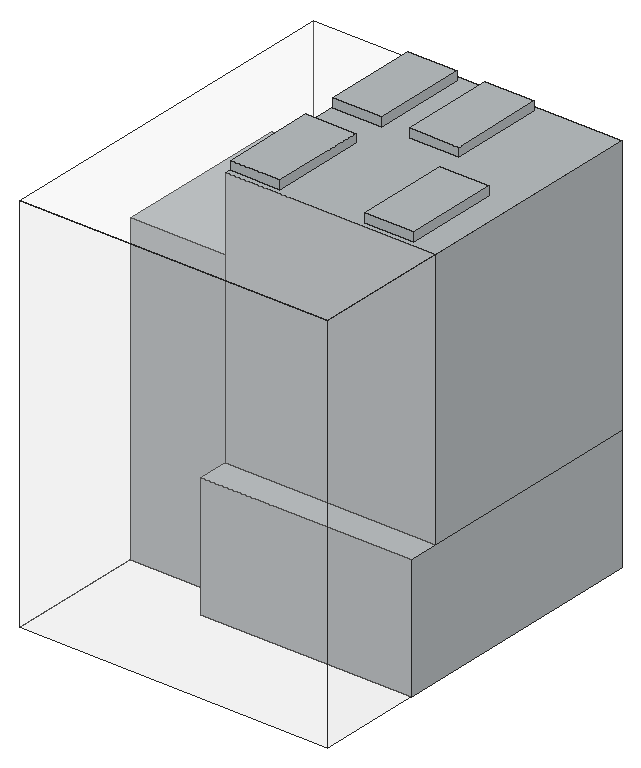
Revit family "lpb-350_500kx5-k_60Hz", category 機械設備, Revit 2019
Family settings
  丸型コネクタ寸法 = 直径を使用
  パーツ タイプ = 標準
  OmniClass 番号 = 23.75.10.34.21
  OmniClass タイトル = Heat Exchangers for Ventilation Air
  作業面ベース = いいえ
  常に垂直 = はい
  ロード時にボイドで切り取り = いいえ
  共有 = いいえ
  部屋計算ポイント = いいえ
Parameters (values of type "LPB-350KX5-K")
  騒音レベル(dB(A)) = 52
  風量 = 3500.0 m³/h
  面風速 = 6.43 m/s
  電源種別 [instance] = ""
  電圧 = 200 V
  電動機出力 = 2.2 W
  集中コントローラ = ""
  運転質量 = 0.00 kg
  連動 [instance] = ""
  質量 = if(製品質量 > 運転質量, 製品質量, 運転質量) * 1.2  # 700.80 kg
  負荷分類 = 3_ファン類
  説明 = "設備用ロスナイ 床置ビルトイン形機械室設置タイプ加湿付"
  設計風量 = 0.0 m³/h
  設置方法 = "床置形"
  記号 [instance] = ""
  製造元 = "三菱電機株式会社"
  製品質量 = 584.00 kg
  製品出荷対象 = "国内"
  製品リリース年月 = "2018/7/25"
  製品グループ = ""
  給水管_Width = 46 mm
  給水管_H = 316 mm
  給水管_D = 131 mm
  系統 [instance] = ""
  符号 = "HEU"
  積算_科目 = "1 空気調和設備"
  積算_拾い区分 [instance] = ""
  相 = 3
  盤記号 [instance] = ""
  発停方法 [instance] = ""
  特殊仕様 [instance] = ""
  火災停止 [instance] = ""
  温度交換効率 = 77.00%
  消費電力 = 3900 W
  法定耐用年数 = "15"
  機外静圧_排気 = 325.0 Pa
  機外静圧 = 325.0 Pa
  極数 = 3
  材質 [instance] = ""
  本体固定用穴ピッチ3 = 300 mm
  本体固定用穴ピッチ2 = 650 mm
  本体固定用穴ピッチ1 = 1710 mm
  本体固定用穴_径 = 20 mm
  本体マテリアル = 溶融亜鉛めっき鋼板
  有効加湿量 = 8.8
  操作・制御方式 = ""
  操作・制御スイッチ = ""
  排気量 = 0.0 m³/h
  形式 = "床置形"
  幹線記号 [instance] = ""
  対象室 [instance] = ""
  実風量 = 0.0 m³/h
  始動方式 [instance] = "直入"
  外気量 = 0.0 m³/h
  呼称 = "全熱交換ユニット"
  周波数 = 60 Hz
  参照している仕様書等のバージョン = "公共建築工事標準仕様書（機械設備工事編）平成31年度版"
  加湿給水管径 = 21.7 mm
  初期抵抗 = 0.0 Pa
  分類コード = "50052504100050"
  分類グループ = ""
  価格 = 10074000
  企業コード = "108420"
  付属品_フィルター_還気 = ""
  付属品_フィルター = ""
  付属品 [instance] = ""
  仕様書バージョン = "Version1.0"
  モデル = "LPB-350KX5-K"
  メンテナンススペース = yes
  ドレン管径 = 27.2 mm
  ドレン管_Width = 46 mm
  ドレン管_H = 65 mm
  ドレン管_D = 326 mm
  コメント [instance] = ""
  Keynote = ""
  エンタルピ交換効率_暖房 = 66.50%
  エンタルピ交換効率_冷房 = 60.50%
  Assembly Code = ""
  Width = 1200 mm
  W2 = 555 mm
  W1 = 1200 mm
  Version = ""
  Uniclass2015Version = "Systems v1.9"
  Uniclass2015Title = "Thermal wheels"
  Uniclass2015Code = "Pr_60_60_36_88"
  URL = "https://www.mitsubishielectric.co.jp/ldg/wink/ssl/displayProduct.do?pid=294068"
  SpecificationReference = ""
  SpecificationDescription = ""
  SAサイズ_W = 280 mm
  SAサイズ_D = 540 mm
  Revision = ""
  RAサイズ_W = 280 mm
  RAサイズ_D = 540 mm
  ProductInformation = ""
  OmniClassCode = "23-27 23 19 11"
  OAサイズ_W = 280 mm
  OAサイズ_D = 540 mm
  MIN風量 = 0.0 m³/h
  MIN静圧 = 0.0 Pa
  MID風量 = 0.0 m³/h
  MID静圧 = 0.0 Pa
  MAX風量 = 3500.0 m³/h
  MAX静圧 = 325.0 Pa
  IfcTypeProduct = ""
  IfcProduct = ""
  IfcExportType = "ROTARYWHEEL"
  IfcExportAs = "IfcAirToAirHeatRecoveryType"
  Height = 1486 mm
  H2 = 1750 mm
  H1 = 700 mm
  EAサイズ_W = 280 mm
  EAサイズ_D = 540 mm
  Duct_SA_W = 6 mm
  Duct_RA_W = 150 mm
  Duct_OA_W = 475 mm
  Duct_Height = 50 mm
  Duct_EA_W = 6 mm
  Duct_D = 30 mm
  Depth = 1328 mm
  D3 = 188 mm
  D2 = 1007 mm
  D1 = 1500 mm
  Clearance Top = 0 mm
  Clearance Right = 0 mm
  Clearance Left = 0 mm
  Clearance Front = 600 mm
  Clearance Bottom = 0 mm
  Clearance Back = 0 mm
  Author = "三菱電機株式会社"
Types (2, lengths in mm): name | 騒音レベル(dB(A)) | 風量 | 面風速 | 電動機出力 | 質量 | 製品質量 | 消費電力 | 機外静圧_排気 | 機外静圧 | 本体固定用穴ピッチ3 | 本体固定用穴ピッチ2 | 本体固定用穴ピッチ1 | 有効加湿量 | 価格 | モデル | ドレン管_D | Width | W1 | URL | SAサイズ_D | RAサイズ_D | OAサイズ_D | MAX風量 | MAX静圧 | Height | H2 | EAサイズ_D | Duct_RA_W | Duct_OA_W | Depth | D3 | D2 | D1
  LPB-350KX5-K | 52 | 3500.0 m³/h | 6.43 m/s | 2.2 W | 700.80 kg | 584.00 kg | 3900 W | 325.0 Pa | 325.0 Pa | 300 | 650 | 1710 | 8.8 | 10074000 | "LPB-350KX5-K" | 326 | 1200 | 1200 | "https://www.mitsubishielectric.co.jp/ldg/wink/ssl/displayProduct.do?pid=294068" | 540 | 540 | 540 | 3500.0 m³/h | 325.0 Pa | 1486 | 1750 | 540 | 150 | 475 | 1328 | 188 | 1007 | 1500
  LPB-500KX5-K | 58 | 5000.0 m³/h | 6.89 m/s | 3.7 W | 884.40 kg | 737.00 kg | 6200 W | 460.0 Pa | 460.0 Pa | 450 | 750 | 1810 | 12.5 | 12531000 | "LPB-500KX5-K" | 256 | 1300 | 1300 | "https://www.mitsubishielectric.co.jp/ldg/wink/ssl/displayProduct.do?pid=294069" | 720 | 720 | 720 | 5000.0 m³/h | 460.0 Pa | 1586 | 2000 | 720 | 202 | 528 | 1690 | 190 | 1240 | 1690
Reference planes
  plane 1 "中心(正面/背面)": y = 0
  plane 2: z = 0
  plane 3 "中心(左/右)": x = 0
  plane 4: z = 0
  plane 5: x = -600
  plane 6: y = 664
  plane 7: y = -664
  plane 8: x = 600
  plane 9: x = 600
  plane 10: y = 664
  plane 11: y = -836
  plane 12: x = -600
  plane 13: y = 664
  plane 14: y = -1436
  plane 15: x = -1155
  plane 16: y = -648
  plane 17: y = 359
  plane 18: x = 600
  plane 19: x = -1155
  plane 20: y = -634
  plane 21: y = -94
  plane 22: y = 634
  plane 23: y = 94
  plane 24: y = -634
  plane 25: y = -94
  plane 26: y = 634
  plane 27: y = 94
  plane 28: x = -594
  plane 29: x = -314
  plane 30: x = 450
  plane 31: x = 170
  plane 32: x = -594
  plane 33: x = -314
  plane 34: x = 125
  plane 35: x = -155
  plane 36: z = 700
  plane 37: z = 2186
  plane 38: z = 2236
  plane 39: z = 1750
  plane 40: y = -322
  plane 41: y = -517
  plane 42: z = 65
  plane 43: z = 316
  plane 44: x = -1201
  plane 45: x = -1201
  plane 46: x = 575
  plane 47: x = -1135
  plane 48: y = -86
  plane 49: y = -386
  plane 50: y = 214
  plane 51: y = -736
  plane 52: y = 564
  plane 53: z = 2186
Forms (mm)
  Extrusion 1, solid, material "溶融亜鉛めっき鋼板" <- "本体マテリアル", detail levels fine
    sketch origin (0, 0, 0) x (1, 0, 0) y (0, 1, 0)
      loop
        line (-600, -836) -> (600, -836) -> (600, 664) -> (-600, 664) -> (-600, -836)
    from 0 to 700
  Extrusion 2, solid, material "溶融亜鉛めっき鋼板" <- "本体マテリアル", detail levels fine
    sketch origin (0, 0, 0) x (1, 0, 0) y (0, 1, 0)
      loop
        line (600, 664) -> (-600, 664) -> (-600, -664) -> (600, -664) -> (600, 664)
    from 700 to 2186
  Extrusion 3, solid, material "溶融亜鉛めっき鋼板" <- "本体マテリアル", detail levels fine
    sketch origin (0, 0, 0) x (1, 0, 0) y (0, 1, 0)
      loop
        line (-594, 634) -> (-594, 94) -> (-314, 94) -> (-314, 634) -> (-594, 634)
      loop
        line (-155, 634) -> (-155, 94) -> (125, 94) -> (125, 634) -> (-155, 634)
      loop
        line (-594, -634) -> (-314, -634) -> (-314, -94) -> (-594, -94) -> (-594, -634)
      loop
        line (170, -634) -> (450, -634) -> (450, -94) -> (170, -94) -> (170, -634)
    from 2186 to 2236
  Extrusion 4, solid, material "溶融亜鉛めっき鋼板" <- "本体マテリアル", detail levels fine
    sketch origin (0, 0, 0) x (1, 0, 0) y (0, 1, 0)
      loop
        line (-1155, -648) -> (-600, -648) -> (-600, 359) -> (-1155, 359) -> (-1155, -648)
    from 0 to 1750
  Extrusion 5, solid, material "溶融亜鉛めっき鋼板" <- "本体マテリアル", detail levels fine
    sketch origin (0, 0, 0) x (0, 1, 0) y (0, 0, 1)
      loop
        circle (-322, 65) r 13.6
    from -1201 to -1155
  Extrusion 6, solid, material "溶融亜鉛めっき鋼板" <- "本体マテリアル", detail levels fine
    sketch origin (0, 0, 0) x (0, 1, 0) y (0, 0, 1)
      loop
        circle (-517, 316) r 10.85
    from -1201 to -1155
Lines and regions (mm)
  Masking region 1, detail levels coarse+medium
    outline origin (1331.5, 88, 0) x (1, 0, 0) y (0, 1, 0)
      loop
        line (-1931.5, 576) -> (-1931.5, -752) -> (-731.5, -752) -> (-731.5, 576) -> (-1931.5, 576)
  symbolic lines, detail levels coarse+medium
    curve 1: line (0, 664, 0) -> (-600, 0, 0)
    curve 2: line (-600, 0, 0) -> (0, -664, 0)
    curve 3: line (0, -664, 0) -> (600, 0, 0)
    curve 4: line (0, 664, 0) -> (600, 0, 0)
Dimensions and locks
  equal spacing: plane 5, plane 3 "中心(左/右)", plane 8
  "Width": plane 5 to plane 8
  equal spacing: plane 6, plane 1 "中心(正面/背面)", plane 7
  "Depth": plane 7 to plane 6
  "D1": plane 10 to plane 11
  locked: plane 6 to plane 10 at 0
  equal spacing: plane 12, plane 3 "中心(左/右)", plane 9
  "W1": plane 12 to plane 9
  "Clearance Back": plane 13 to plane 10
  "Clearance Front": plane 11 to plane 14
  "D3": plane 16 to plane 11
  "D2": plane 17 to plane 16
  "W2": plane 15 to plane 12
  "Clearance Right": plane 9 to plane 18
  "Clearance Left": plane 19 to plane 15
  "Duct_D": plane 7 to plane 20
  "RAサイズ_D": plane 21 to plane 20
  "OAサイズ_D": plane 23 to plane 22
  "Duct_D": plane 22 to plane 6
  "Duct_D": plane 7 to plane 24
  "SAサイズ_D": plane 24 to plane 25
  "EAサイズ_D": plane 26 to plane 27
  "Duct_D": plane 6 to plane 26
  "Duct_SA_W": plane 5 to plane 28
  "SAサイズ_W": plane 28 to plane 29
  "RAサイズ_W": plane 30 to plane 31
  "Duct_RA_W": plane 30 to plane 8
  "EAサイズ_W": plane 32 to plane 33
  "OAサイズ_W": plane 34 to plane 35
  "Duct_EA_W": plane 5 to plane 32
  "Duct_OA_W": plane 34 to plane 8
  "H1": plane 36 to level
  "Height": plane 37 to plane 36
  "Duct_Height": plane 38 to plane 37
  "H2": plane 39 to level
  "ドレン管_H": plane 42 to level
  "給水管_H": plane 43 to level
  "給水管_Width": plane 44 to plane 15
  "ドレン管_Width": plane 45 to plane 15
  "本体固定用穴ピッチ1": plane 47 to plane 46
  locked: plane 46 to plane 8 at 25
  equal spacing: plane 10, plane 48, plane 11
  "本体固定用穴ピッチ3": plane 49 to plane 48 to plane 50
  "本体固定用穴ピッチ2": plane 51 to plane 48 to plane 52
  "Clearance Top": plane 53 to plane 37
  "給水管_D": plane 41 to plane 16
  "ドレン管_D": plane 40 to plane 16
  "ドレン管径": diameter of Extrusion 5 sketch curve
  "加湿給水管径": diameter of Extrusion 6 sketch curve
  aligned and locked: level to plane 2
  aligned and locked: Masking region 1 to plane 8
  aligned and locked: plane 6 to Masking region 1
  aligned and locked: Masking region 1 to plane 5
  aligned and locked: plane 7 to Masking region 1
  aligned and locked: plane 1 "中心(正面/背面)" to curve 2
  aligned and locked: plane 7 to curve 3
  aligned and locked: plane 6 to curve 4
  aligned and locked: plane 1 "中心(正面/背面)" to curve 3
  aligned and locked: plane 5 to curve 1
  aligned and locked: Extrusion 1 sketch curve to plane 11
  aligned and locked: plane 12 to Extrusion 1 sketch curve
  aligned and locked: plane 10 to Extrusion 1 sketch curve
  aligned and locked: plane 9 to Extrusion 1 sketch curve
  aligned and locked: plane 6 to Extrusion 2 sketch curve
  aligned and locked: Extrusion 2 sketch curve to plane 8
  aligned and locked: plane 7 to Extrusion 2 sketch curve
  aligned and locked: Extrusion 2 sketch curve to plane 5
  aligned and locked: Extrusion 3 sketch curve to plane 26
  aligned and locked: plane 32 to Extrusion 3 sketch curve
  aligned and locked: plane 27 to Extrusion 3 sketch curve
  aligned and locked: Extrusion 3 sketch curve to plane 33
  aligned and locked: plane 22 to Extrusion 3 sketch curve
  aligned and locked: Extrusion 3 sketch curve to plane 35
  aligned and locked: Extrusion 3 sketch curve to plane 23
  aligned and locked: plane 34 to Extrusion 3 sketch curve
  aligned and locked: plane 24 to Extrusion 3 sketch curve
  aligned and locked: Extrusion 3 sketch curve to plane 28
  aligned and locked: Extrusion 3 sketch curve to plane 25
  aligned and locked: plane 29 to Extrusion 3 sketch curve
  aligned and locked: Extrusion 3 sketch curve to plane 20
  aligned and locked: plane 31 to Extrusion 3 sketch curve
  aligned and locked: plane 21 to Extrusion 3 sketch curve
  aligned and locked: Extrusion 3 sketch curve to plane 30
  aligned and locked: Extrusion 4 sketch curve to plane 16
  aligned and locked: Extrusion 4 sketch curve to plane 15
  aligned and locked: Extrusion 4 sketch curve to plane 17
  aligned and locked: Extrusion 4 sketch curve to plane 12
  aligned and locked: plane 38 to Extrusion 3
  aligned and locked: Extrusion 3 to plane 37
  aligned and locked: plane 37 to Extrusion 2
  aligned and locked: Extrusion 2 to plane 36
  aligned and locked: Extrusion 1 to level
  aligned and locked: plane 39 to Extrusion 4
  aligned and locked: Extrusion 4 to level
  aligned and locked: nested 2 to plane 48
  aligned and locked: nested 2 to plane 47
  aligned and locked: plane 46 to nested 2
  aligned and locked: plane 47 to nested 1
  aligned and locked: nested 1 to plane 49
  aligned and locked: nested 1 to plane 50
  aligned and locked: plane 46 to nested 3
  aligned and locked: plane 51 to nested 3
  aligned and locked: nested 3 to plane 52
  aligned and locked: nested 4 to plane 19
  aligned and locked: nested 4 to plane 18
  aligned and locked: nested 4 to plane 14
  aligned and locked: nested 4 to plane 13
  aligned and locked: plane 53 to nested 4
  aligned and locked: level to nested 4
  aligned and locked: Extrusion 6 to plane 44
  aligned and locked: plane 15 to Extrusion 6
  aligned and locked: Extrusion 5 to plane 45
  aligned and locked: plane 15 to Extrusion 5
Automatic sketch dimensions
  Extrusion 5 sketch curve to plane 40 = 0 mm
  Extrusion 5 sketch curve to plane 42 = 0 mm
  Extrusion 6 sketch curve to plane 41 = 0 mm
  Extrusion 6 sketch curve to plane 43 = 0 mm
  curve 2 to plane 3 "中心(左/右)" = 0 mm
  curve 4 to plane 3 "中心(左/右)" = 0 mm
  curve 4 to plane 8 = 0 mm
  Masking region 1 sketch curve to plane 5 = 0 mm
  plane 7 to Masking region 1 sketch curve = 0 mm
  Masking region 1 sketch curve to plane 8 = 0 mm
  Masking region 1 sketch curve to plane 6 = 0 mm
Nested families
  nested 1: "固定点" at (-1135, 214, 0) x (0, -1, 0) z (0, 0, 1), type "固定点"
    with W 600 mm, D 1000 mm
  nested 2: "固定点" at (-1135, -86, 0), type "固定点"
    with W 1710 mm, D 1000 mm
  nested 3: "固定点" at (575, -736, 0) x (0, 1, 0) z (0, 0, 1), type "固定点"
    with W 1300 mm, D 1000 mm
  nested 4: "メンテナンススペース" at (-277.5, -386, 1093), visible <- "メンテナンススペース", type "メンテナンススペース"
    with Width 1755 mm, Height 2186 mm, Depth 2100 mm
Connectors
  hvac at (-454, -364, 2236), driven by "機外静圧", driven by "風量", driven by "SAサイズ_D", driven by "SAサイズ_W"
    settings: on Extrusion 3, index 1, duct flow 3500.0 m³/h, flow factor 0, pres drop 325.0 Pa, loss coef 0, conn angle 0.00°, conn width 280 mm, conn height 540 mm, conn diameter 609.6 mm, duct sys type 1, conn prof type 1, flow config 0, flow direction 2, loss method 4, conn ref index -1, conn util no, is conn primary yes, conn desc ""
  hvac at (310, -364, 2236), driven by "機外静圧", driven by "風量", driven by "RAサイズ_D", driven by "RAサイズ_W"
    settings: on Extrusion 3, index 2, duct flow 3500.0 m³/h, flow factor 0, pres drop 325.0 Pa, loss coef 0, conn angle 0.00°, conn width 280 mm, conn height 540 mm, conn diameter 609.6 mm, duct sys type 2, conn prof type 1, flow config 0, flow direction 1, loss method 4, conn ref index -1, conn util no, is conn primary no, conn desc ""
  hvac at (-454, 364, 2236), driven by "EAサイズ_D", driven by "EAサイズ_W", driven by "機外静圧_排気", driven by "風量"
    settings: on Extrusion 3, index 3, duct flow 3500.0 m³/h, flow factor 0, pres drop 325.0 Pa, loss coef 0, conn angle 0.00°, conn width 280 mm, conn height 540 mm, conn diameter 609.6 mm, duct sys type 3, conn prof type 1, flow config 0, flow direction 2, loss method 4, conn ref index -1, conn util no, is conn primary no, conn desc ""
  hvac at (-15, 364, 2236), driven by "機外静圧", driven by "風量", driven by "OAサイズ_D", driven by "OAサイズ_W"
    settings: on Extrusion 3, index 4, duct flow 3500.0 m³/h, flow factor 0, pres drop 325.0 Pa, loss coef 0, conn angle 0.00°, conn width 280 mm, conn height 540 mm, conn diameter 609.6 mm, duct sys type 4, conn prof type 1, flow config 0, flow direction 1, loss method 4, conn ref index -1, conn util no, is conn primary no, conn desc ""
  electrical at (0, -664, 1443), driven by "極数", driven by "負荷分類", driven by "電圧", driven by "消費電力"
    settings: on Extrusion 2, index 6, voltage 200 V, apparent load 3900 VA, apparent load phase1 0 VA, apparent load phase2 0 VA, apparent load phase3 0 VA, power factor 1, load classification "3_ファン類", number of poles 3, system type 30, power factor state 1, is connector primary yes, connector utility no, sub classification motor no, connector description ""
  piping at (-1201, -517, 316), diameter 21.7, driven by "加湿給水管径"
    settings: on Extrusion 6, index 7, connector inside diameter 609.6 mm, connector length 0 mm, flow factor 0, pipe flow 0.0 L/s, pressure drop 0.0 Pa, fitting loss kfactor 0, connector angle 0.00°, fixture units 0, engagement length 0 mm, angle of deflection 0.00°, flow configuration 0, flow direction 1, fitting loss method 4, system type 20, joint type 0, gender type 0, connector reference index -1, connector utility 0, adjustable connector no, is connector primary yes, connector description ""
  piping at (-1201, -322, 65), diameter 27.2, driven by "ドレン管径"
    settings: on Extrusion 5, index 8, connector inside diameter 609.6 mm, connector length 0 mm, flow factor 0, pipe flow 0.0 L/s, pressure drop 0.0 Pa, fitting loss kfactor 0, connector angle 0.00°, fixture units 0, engagement length 0 mm, angle of deflection 0.00°, flow configuration 0, flow direction 2, fitting loss method 4, system type 16, joint type 0, gender type 0, connector reference index -1, connector utility 0, adjustable connector no, is connector primary no, connector description ""
Definition of nested family "メンテナンススペース"
  Parameters (values of type "メンテナンススペース")
    Width [instance] = 500 mm
    Height [instance] = 500 mm
    Depth [instance] = 500 mm
  Reference planes
    plane 1 "中心(正面/背面)": y = 0
    plane 2: z = 0
    plane 3 "中心(左/右)": x = 0
    plane 4: y = -250
    plane 5: x = 250
    plane 6: y = 250
    plane 7: x = -250
    plane 8: z = 250
    plane 9: z = -250
  Forms (mm)
    Extrusion 1, solid
      sketch origin (-638.939, 0, 72.39) x (1, 0, 0) y (0, 1, 0)
        loop
          line (388.939, 250) -> (388.939, -250) -> (888.939, -250) -> (888.939, 250) -> (388.939, 250)
      from -322.39 to 177.61
  Lines and regions (mm)
    symbolic lines
      curve 1: line (-250, 0, 250) -> (250, 0, 250)
      curve 2: line (-250, 0, -250) -> (-250, 0, 250)
      curve 3: line (250, 0, -250) -> (-250, 0, -250)
      curve 4: line (250, 0, 250) -> (250, 0, -250)
      curve 5: line (0, -250, 250) -> (0, 250, 250)
      curve 6: line (0, -250, -250) -> (0, -250, 250)
      curve 7: line (0, 250, -250) -> (0, -250, -250)
      curve 8: line (0, 250, 250) -> (0, 250, -250)
      curve 9: line (-250, 250, 0) -> (250, 250, 0)
      curve 10: line (-250, -250, 0) -> (-250, 250, 0)
      curve 11: line (250, -250, 0) -> (-250, -250, 0)
      curve 12: line (250, 250, 0) -> (250, -250, 0)
  Dimensions and locks
    equal spacing: plane 7, plane 3 "中心(左/右)", plane 5
    equal spacing: plane 4, plane 1 "中心(正面/背面)", plane 6
    "Depth": plane 4 to plane 6
    "Width": plane 7 to plane 5
    equal spacing: plane 8, plane 2, plane 9
    "Height": plane 8 to plane 9
    aligned and locked: plane 9 to curve 3
    aligned and locked: plane 7 to curve 2
    aligned and locked: curve 4 to plane 5
    aligned and locked: plane 5 to Extrusion 1
    aligned and locked: Extrusion 1 to plane 7
    aligned and locked: Extrusion 1 to plane 9
    aligned and locked: plane 8 to Extrusion 1
    aligned and locked: plane 9 to curve 7
  Automatic sketch dimensions
    plane 4 to Extrusion 1 sketch curve = 0 mm
    Extrusion 1 sketch curve to plane 7 = 0 mm
    Extrusion 1 sketch curve to plane 5 = 0 mm
    plane 6 to Extrusion 1 sketch curve = 0 mm
    curve 2 to plane 8 = 0 mm
    plane 4 to curve 11 = 0 mm
    curve 11 to plane 7 = 0 mm
    curve 11 to plane 5 = 0 mm
    plane 6 to curve 10 = 0 mm
    curve 7 to plane 4 = 0 mm
    curve 7 to plane 6 = 0 mm
    curve 6 to plane 8 = 0 mm
Definition of nested family "固定点"
  Parameters (values of type "固定点")
    中心円 = 20 mm
    W [instance] = 1000 mm
    D [instance] = 1000 mm
  Reference planes
    plane 1 "中心(正面/背面)": y = 0
    plane 2: z = 0
    plane 3 "中心(左/右)": x = 0
    plane 4: x = 1000
  Lines and regions (mm)
    symbolic lines, detail levels fine
      curve 1: circle (0, 0, 0) r 10 normal (0, 0, 1)
      curve 2: circle (1000, 0, 0) r 10 normal (0, 0, 1)
      curve 3: line (-200, 0, 0) -> (1200, 0, 0)
      curve 4: line (0, 200, 0) -> (0, -200, 0)
      curve 5: line (1000, 200, 0) -> (1000, -200, 0)
  Dimensions and locks
    "W": plane 3 "中心(左/右)" to plane 4
    "中心円": diameter of curve 1
    "中心円": diameter of curve 2
    aligned and locked: level to plane 2
    aligned and locked: plane 3 "中心(左/右)" to curve 1
    aligned and locked: plane 1 "中心(正面/背面)" to curve 1
    aligned and locked: plane 1 "中心(正面/背面)" to curve 2
    aligned and locked: plane 4 to curve 2
    aligned and locked: plane 1 "中心(正面/背面)" to curve 3
    aligned and locked: curve 4 to plane 3 "中心(左/右)"
    aligned and locked: curve 5 to plane 4
  Automatic sketch dimensions
    curve 3 to plane 3 "中心(左/右)" = 200 mm
    curve 2 to curve 3 = 200 mm
    plane 1 "中心(正面/背面)" to curve 4 = 200 mm
    plane 1 "中心(正面/背面)" to curve 5 = 200 mm
    curve 5 to plane 1 "中心(正面/背面)" = 200 mm
    curve 4 to plane 1 "中心(正面/背面)" = 200 mm
